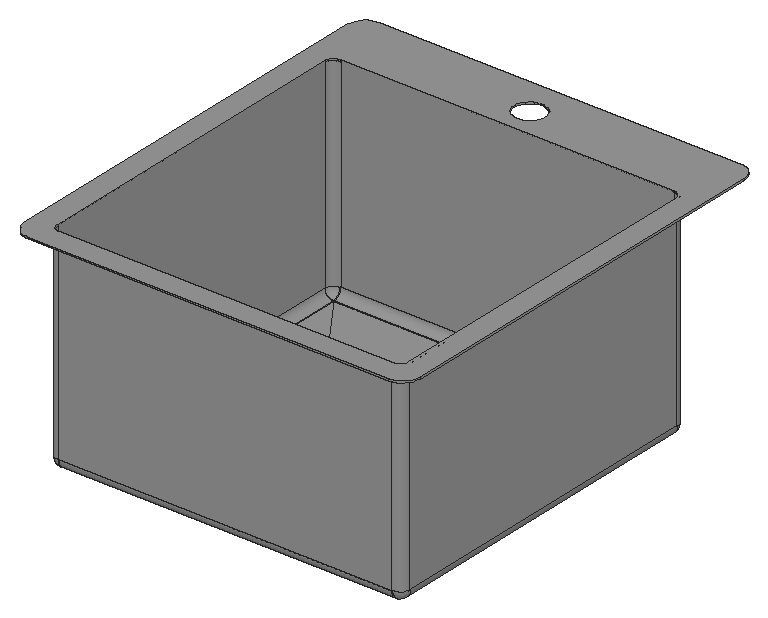
Revit family "BUILDMAT-SNGMTL002-Kayla-450-Tap-Landing-Gunmetal", category Plumbing Fixtures, host Face, Revit 2026
Family settings
  Host = Face
  Round Connector Dimension = Use Diameter
  Part Type = Normal
  Enable Cutting in Views = No
  Cut with Voids When Loaded = No
  Maintain Annotation Orientation = No
  Shared = No
  Room Calculation Point = No
Parameters (values of type "Kayla 450x500x250mm Brushed Gunmetal")
  Width = 400.0 mm
  Undermount [instance] = 0.0 mm
  URL = "https://www.buildmat.com.au/products/kayla-450-single-bowl-tap-landing-sink"
  Model = "TLAN002"  # constant formula
  Manufacturer URL = "https://www.buildmat.com.au/"
  Manufacturer = "BUILDMAT"  # constant formula
  Length = 400.0 mm
  Description = "BUILDMAT - Kayla 450x500 Single Bowl with Tap Landing Sink"  # constant formula
  Depth = 250.0 mm
  Default Elevation = 1219.2 mm
  Created By URL = "https://www.buildmat.com.au/"
  Created By = "BUILDMAT"  # constant formula
  Created = "22.06.2022"  # constant formula
  Material = BUILDMAT Gunmetal
Reference planes
  plane 1 "Center (Front/Back)": y = 0
  plane 2: z = 0
  plane 3 "Center (Left/Right)": x = 0
  plane 4 "Top Substrate": z = 0
  plane 5 "Left": x = -200
  plane 6 "Right": x = 200
  plane 7 "Back": y = 200
  plane 8 "Front": y = -200
  plane 9: x = -225
  plane 10: x = 225
  plane 11: y = -225
  plane 12: y = 275
  plane 13 "Bottom Void": z = -250
  plane 14: z = 1.5
  plane 15: x = -201.5
  plane 16: y = -201.5
  plane 17: x = 201.5
  plane 18: y = 201.5
  plane 19: z = -240
  plane 20: z = -230
  plane 21: x = -190
  plane 22: x = 190
  plane 23: y = -190
  plane 24: y = 190
  plane 25: z = -245
  plane 26: z = -241.5
  plane 27: z = -246.5
  plane 28: x = -100
  plane 29: x = 100
  plane 30 "Sound Pad": z = -130
  plane 31 "Front Bracket": y = -100
  plane 32 "Back Bracket": y = 100
  plane 33: x = -100
  plane 34: x = 100
  plane 35: x = -57
  plane 36: x = 57
  plane 37: x = -45
  plane 38: x = 45
  plane 39: y = 232
  plane 40: y = 251.5
  plane 41: x = -213.2
  plane 42: z = -15
  plane 43: x = 213.2
  plane 44: x = -211.7
  plane 45: x = 211.7
Forms (mm)
  Extrusion 1, void
    sketch origin (0, 0, 0) x (1, 0, 0) y (0, 1, 0)
      loop
        arc (-190, 200) -> (-197.071, 197.071) -> (-200, 190) r 10
        line (-200, 190) -> (-200, -190)
        arc (-200, -190) -> (-197.071, -197.071) -> (-190, -200) r 10
        line (-190, -200) -> (190, -200)
        arc (190, -200) -> (197.071, -197.071) -> (200, -190) r 10
        line (200, -190) -> (200, 190)
        arc (200, 190) -> (197.071, 197.071) -> (190, 200) r 10
        line (190, 200) -> (-190, 200)
    from 0 to 1.5
  Extrusion 2, void
    sketch origin (0, 0, 0) x (1, 0, 0) y (0, 1, 0)
      loop
        line (-201.5, 201.5) -> (-201.5, -201.5) -> (201.5, -201.5) -> (201.5, 201.5) -> (-201.5, 201.5)
    from 0 to -250
  Extrusion 3, void
    sketch origin (0, 0, 0) x (1, 0, 0) y (0, 1, 0)
      loop
        arc (-205, 275) -> (-219.142, 269.142) -> (-225, 255) r 20
        line (-225, 255) -> (-225, -205)
        arc (-225, -205) -> (-219.142, -219.142) -> (-205, -225) r 20
        line (-205, -225) -> (205, -225)
        arc (205, -225) -> (219.142, -219.142) -> (225, -205) r 20
        line (225, -205) -> (225, 255)
        arc (225, 255) -> (219.142, 269.142) -> (205, 275) r 20
        line (205, 275) -> (-205, 275)
    from 1.5 to 0
  Extrusion 4, solid, material "BUILDMAT Gunmetal" <- "Material"
    sketch origin (0, 0, 0) x (-1, 0, 0) y (0, -1, 0)
      loop
        arc (205, -275) -> (219.142, -269.142) -> (225, -255) r 20
        line (225, -255) -> (225, 205)
        arc (225, 205) -> (219.142, 219.142) -> (205, 225) r 20
        line (205, 225) -> (-205, 225)
        arc (-205, 225) -> (-219.142, 219.142) -> (-225, 205) r 20
        line (-225, 205) -> (-225, -255)
        arc (-225, -255) -> (-219.142, -269.142) -> (-205, -275) r 20
        line (-205, -275) -> (205, -275)
      loop
        arc (190, -200) -> (197.071, -197.071) -> (200, -190) r 10
        line (200, -190) -> (200, 190)
        arc (200, 190) -> (197.071, 197.071) -> (190, 200) r 10
        line (190, 200) -> (-190, 200)
        arc (-190, 200) -> (-197.071, 197.071) -> (-200, 190) r 10
        line (-200, 190) -> (-200, -190)
        arc (-200, -190) -> (-197.071, -197.071) -> (-190, -200) r 10
        line (-190, -200) -> (190, -200)
    from 0 to 1.5
  Extrusion 5, solid, material "BUILDMAT Gunmetal" <- "Material"
    sketch origin (0, 0, 0) x (-1, 0, 0) y (0, -1, 0)
      loop
        arc (190, -201.5) -> (198.132, -198.132) -> (201.5, -190) r 11.5
        line (201.5, -190) -> (201.5, 190)
        arc (201.5, 190) -> (198.132, 198.132) -> (190, 201.5) r 11.5
        line (190, 201.5) -> (-190, 201.5)
        arc (-190, 201.5) -> (-198.132, 198.132) -> (-201.5, 190) r 11.5
        line (-201.5, 190) -> (-201.5, -190)
        arc (-201.5, -190) -> (-198.132, -198.132) -> (-190, -201.5) r 11.5
        line (-190, -201.5) -> (190, -201.5)
      loop
        arc (-190, 200) -> (-197.071, 197.071) -> (-200, 190) r 10
        line (-200, 190) -> (-200, -190)
        arc (-200, -190) -> (-197.071, -197.071) -> (-190, -200) r 10
        line (-190, -200) -> (190, -200)
        arc (190, -200) -> (197.071, -197.071) -> (200, -190) r 10
        line (200, -190) -> (200, 190)
        arc (200, 190) -> (197.071, 197.071) -> (190, 200) r 10
        line (190, 200) -> (-190, 200)
    from 0 to -230
  Revolve 6, solid, material "BUILDMAT Gunmetal" <- "Material"
    sketch origin (-175.162, 190, 1219.2) x (-1, 0, 0) y (0, 0, 1)
      loop
        line (-375.162, -1449.2) -> (-376.662, -1449.2)
        arc (-376.662, -1449.2) -> (-373.293, -1457.332) -> (-365.162, -1460.7) r 11.5
        line (-365.162, -1460.7) -> (-365.162, -1459.2)
        arc (-365.162, -1459.2) -> (-372.233, -1456.271) -> (-375.162, -1449.2) r 10
      axis (-365.162, -1460.7) -> (-365.162, -1449.2)
    angle from 0 to -90
  Revolve 7, solid, material "BUILDMAT Gunmetal" <- "Material"
    sketch origin (-175.162, 190, 1219.2) x (-1, 0, 0) y (0, 0, 1)
      loop
        arc (24.838, -1449.2) -> (21.909, -1456.271) -> (14.838, -1459.2) r 10
        line (14.838, -1459.2) -> (14.838, -1460.7)
        arc (14.838, -1460.7) -> (22.97, -1457.332) -> (26.338, -1449.2) r 11.5
        line (26.338, -1449.2) -> (24.838, -1449.2)
      axis (14.838, -1449.2) -> (14.838, -1460.7)
    angle from 0 to -90
  Revolve 8, solid, material "BUILDMAT Gunmetal" <- "Material"
    sketch origin (-175.162, -190, 1219.2) x (-1, 0, 0) y (0, 0, 1)
      loop
        arc (24.838, -1449.2) -> (21.909, -1456.271) -> (14.838, -1459.2) r 10
        line (14.838, -1459.2) -> (14.838, -1460.7)
        arc (14.838, -1460.7) -> (22.97, -1457.332) -> (26.338, -1449.2) r 11.5
        line (26.338, -1449.2) -> (24.838, -1449.2)
      axis (14.838, -1449.2) -> (14.838, -1460.7)
    angle from 0 to 90
  Revolve 9, solid, material "BUILDMAT Gunmetal" <- "Material"
    sketch origin (-175.162, -190, 1219.2) x (-1, 0, 0) y (0, 0, 1)
      loop
        line (-375.162, -1449.2) -> (-376.662, -1449.2)
        arc (-376.662, -1449.2) -> (-373.293, -1457.332) -> (-365.162, -1460.7) r 11.5
        line (-365.162, -1460.7) -> (-365.162, -1459.2)
        arc (-365.162, -1459.2) -> (-372.233, -1456.271) -> (-375.162, -1449.2) r 10
      axis (-365.162, -1449.2) -> (-365.162, -1460.7)
    angle from 0 to 90
  Extrusion 10, solid, material "BUILDMAT Gunmetal" <- "Material"
    sketch origin (0, 0, 0) x (1, 0, 0) y (0, 0, 1)
      loop
        line (-200, -230) -> (-201.5, -230)
        arc (-201.5, -230) -> (-198.132, -238.132) -> (-190, -241.5) r 11.5
        line (-190, -241.5) -> (-190, -240)
        arc (-190, -240) -> (-197.071, -237.071) -> (-200, -230) r 10
    from -190 to 190
  Extrusion 11, solid, material "BUILDMAT Gunmetal" <- "Material"
    sketch origin (0, 0, 0) x (1, 0, 0) y (0, 0, 1)
      loop
        arc (200, -230) -> (197.071, -237.071) -> (190, -240) r 10
        line (190, -240) -> (190, -241.5)
        arc (190, -241.5) -> (198.132, -238.132) -> (201.5, -230) r 11.5
        line (201.5, -230) -> (200, -230)
    from -190 to 190
  Extrusion 12, solid, material "BUILDMAT Gunmetal" <- "Material"
    sketch origin (0, 0, 0) x (0, 1, 0) y (0, 0, 1)
      loop
        arc (200, -230) -> (197.071, -237.071) -> (190, -240) r 10
        line (190, -240) -> (190, -241.5)
        arc (190, -241.5) -> (198.132, -238.132) -> (201.5, -230) r 11.5
        line (201.5, -230) -> (200, -230)
    from -190 to 190
  Extrusion 13, solid, material "BUILDMAT Gunmetal" <- "Material"
    sketch origin (0, 0, 0) x (0, 1, 0) y (0, 0, 1)
      loop
        line (-200, -230) -> (-201.5, -230)
        arc (-201.5, -230) -> (-198.132, -238.132) -> (-190, -241.5) r 11.5
        line (-190, -241.5) -> (-190, -240)
        arc (-190, -240) -> (-197.071, -237.071) -> (-200, -230) r 10
    from -190 to 190
  Revolve 14, solid, material "BUILDMAT Gunmetal" <- "Material"
    sketch origin (0, 0, 0) x (1, 0, 0) y (0, 0, 1)
      loop
        line (-45, -250) -> (-45, -248.5)
        spline (-45, -248.5) -> (-46.484, -248.459) -> (-47.939, -248.339) -> (-49.337, -248.141) -> (-50.649, -247.871) -> (-51.848, -247.537) -> (-52.908, -247.151) -> (-53.805, -246.726) -> (-54.514, -246.283) -> (-55.023, -245.856) -> (-55.329, -245.483) -> (-55.468, -245.202) -> (-55.5, -245)
        line (-55.5, -245) -> (-57, -245)
        spline (-57, -245) -> (-56.897, -245.653) -> (-56.591, -246.294) -> (-56.087, -246.913) -> (-55.392, -247.5) -> (-54.52, -248.044) -> (-53.485, -248.536) -> (-52.305, -248.967) -> (-51, -249.33) -> (-49.592, -249.619) -> (-48.106, -249.83) -> (-46.566, -249.957) -> (-45, -250)
      axis (0, -245) -> (0, -250)
    angle from 0 to 360
  Blend 15, solid, material "BUILDMAT Gunmetal" <- "Material"
    base sketch origin (0, 0, 0) x (-1, 0, 0) y (0, -1, 0)
      loop
        circle (0, 0) r 57
    top sketch origin (0, 0, 0) x (-1, 0, 0) y (0, -1, 0)
      loop
        line (190, -190) -> (190, 190) -> (-190, 190) -> (-190, -190) -> (190, -190)
    from -246.5 to -241.5
  Blend 16, void
    base sketch origin (0, 0, 0) x (-1, 0, 0) y (0, -1, 0)
      loop
        circle (0, 0) r 57
    top sketch origin (0, 0, 0) x (-1, 0, 0) y (0, -1, 0)
      loop
        line (190, -190) -> (190, 190) -> (-190, 190) -> (-190, -190) -> (190, -190)
    from -245 to -240
  Extrusion 17, solid, material "BUILDMAT Gunmetal" <- "Material"
    sketch origin (0, 0, 0) x (-1, 0, 0) y (0, -1, 0)
      loop
        line (190, -190) -> (190, 190) -> (-190, 190) -> (-190, -190) -> (190, -190)
    from -241.5 to -240
  Extrusion 18, void
    sketch origin (0, 0, 0) x (-1, 0, 0) y (0, -1, 0)
      loop
        circle (0, 0) r 57
    from -250 to -230
  Extrusion 19, void
    sketch origin (0, 0, 0) x (-1, 0, 0) y (0, -1, 0)
      loop
        circle (0, -232) r 17.5
    from 0 to 100
Cuts and joins
  Extrusion 19 cuts Extrusion 4
  Extrusion 19 cuts Extrusion 5
  joined: Extrusion 4, Extrusion 5
  joined: Revolve 6, Revolve 9
  joined: Revolve 7, Revolve 8
  Blend 16, Extrusion 18 cuts Blend 15
  Blend 16, Extrusion 18 cuts Extrusion 17
  joined: Blend 15, Extrusion 17
Lines and regions (mm)
  Masking region 1
    outline origin (0, 0, 0) x (1, 0, 0) y (0, 0, 1)
      loop
        line (200, 0) -> (-200, 0) -> (-200, -230)
        arc (-200, -230) -> (-197.071, -237.071) -> (-190, -240) r 10
        line (-190, -240) -> (-57, -245) -> (57, -245) -> (190, -240)
        arc (190, -240) -> (197.071, -237.071) -> (200, -230) r 10
        line (200, -230) -> (200, 0)
  Masking region 2
    outline origin (0, 0, 0) x (1, 0, 0) y (0, 0, 1)
      loop
        line (-100, -244.883) -> (-100, -250) -> (-57, -250) -> (-57, -246.5) -> (-100, -244.883)
  Masking region 3
    outline origin (0, 0, 0) x (1, 0, 0) y (0, 0, 1)
      loop
        line (57, -246.5) -> (57, -250) -> (100, -250) -> (100, -244.883) -> (57, -246.5)
  Masking region 4
    outline origin (0, 0, 0) x (1, 0, 0) y (0, 0, 1)
      loop
        line (-213.2, 0) -> (-213.2, -15) -> (-211.7, -15) -> (-211.7, 0) -> (-213.2, 0)
  Masking region 5
    outline origin (0, 0, 0) x (1, 0, 0) y (0, 0, 1)
      loop
        line (211.7, 0) -> (211.7, -15) -> (213.2, -15) -> (213.2, 0) -> (211.7, 0)
Text (mm)
  text "Refer to www.buildmat.com.au for the most current product literature. \nAllow a +/- 5mm tolerance for dimensions shown in the product literature. \nPlease note product details are subject to change due to ongoing product development." at (0.056, -1035.857, 0), in view "Ref. Level"
Dimensions and locks
  "Undermount": plane 2 to plane 4 "Top Substrate"
  equal spacing: plane 5 "Left", plane 3 "Center (Left/Right)", plane 6 "Right"
  "Width": plane 5 "Left" to plane 6 "Right"
  "Length": plane 7 "Back" to plane 8 "Front"
  equal spacing: plane 7 "Back", plane 1 "Center (Front/Back)", plane 8 "Front"
  locked: plane 12 to plane 7 "Back" at 75
  locked: plane 8 "Front" to plane 11 at 25
  locked: plane 9 to plane 5 "Left" at 25
  locked: plane 6 "Right" to plane 10 at 25
  "Depth": plane 4 "Top Substrate" to plane 13 "Bottom Void"
  locked: plane 14 to plane 4 "Top Substrate" at 1.5
  locked: plane 18 to plane 7 "Back" at 1.5
  locked: plane 8 "Front" to plane 16 at 1.5
  plane 15 to plane 5 "Left" = 1.5 mm
  plane 6 "Right" to plane 17 = 1.5 mm
  plane 20 to plane 19 to plane 13 "Bottom Void" = 10.0 mm, 10.0 mm
  locked: plane 5 "Left" to plane 21 at 10
  locked: plane 22 to plane 6 "Right" at 10
  locked: plane 7 "Back" to plane 24 at 10
  locked: plane 23 to plane 8 "Front" at 10
  locked: plane 19 to plane 26 at 1.5
  locked: plane 25 to plane 13 "Bottom Void" at 5
  locked: plane 25 to plane 27 at 1.5
  plane 29 to plane 3 "Center (Left/Right)" to plane 28 = 100.0 mm locked, 100.0 mm locked
  locked: plane 30 "Sound Pad" to plane 13 "Bottom Void" at 120
  locked: plane 7 "Back" to plane 32 "Back Bracket" at 100
  locked: plane 31 "Front Bracket" to plane 8 "Front" at 100
  locked: plane 33 to plane 5 "Left" at 100
  locked: plane 6 "Right" to plane 34 at 100
  plane 37 to plane 3 "Center (Left/Right)" to plane 38 = 45.0 mm locked, 45.0 mm locked
  plane 35 to plane 3 "Center (Left/Right)" to plane 36 = 57.0 mm locked, 57.0 mm locked
  locked: plane 12 to plane 39 at 43
  locked: plane 40 to plane 18 at 50
  plane 44 to plane 41 to plane 9 = 1.5 mm locked, 11.8 mm locked
  plane 10 to plane 43 to plane 45 = 11.8 mm locked, 1.5 mm locked
  locked: plane 4 "Top Substrate" to plane 42 at 15
  aligned and locked: plane 2 to host face
  aligned and locked: level to host face
  aligned and locked: plane 8 "Front" to Extrusion 1 sketch curve
  aligned and locked: Extrusion 1 sketch curve to plane 7 "Back"
  aligned and locked: plane 5 "Left" to Extrusion 1 sketch curve
  aligned and locked: Extrusion 1 sketch curve to plane 6 "Right"
  aligned and locked: plane 2 to Extrusion 1
  aligned and locked: Extrusion 1 to plane 14
  aligned and locked: Extrusion 2 sketch curve to plane 16
  aligned and locked: Extrusion 2 sketch curve to plane 18
  aligned and locked: plane 15 to Extrusion 2 sketch curve
  aligned and locked: plane 17 to Extrusion 2 sketch curve
  aligned and locked: Extrusion 2 to plane 13 "Bottom Void"
  aligned and locked: plane 4 "Top Substrate" to Extrusion 2
  aligned and locked: plane 11 to Extrusion 3 sketch curve
  aligned and locked: plane 9 to Extrusion 3 sketch curve
  aligned and locked: Extrusion 3 sketch curve to plane 10
  aligned and locked: Extrusion 3 sketch curve to plane 12
  aligned and locked: Extrusion 3 to plane 4 "Top Substrate"
  aligned and locked: Extrusion 3 to plane 14
  aligned and locked: plane 11 to Extrusion 4 sketch curve
  aligned and locked: Extrusion 4 sketch curve to plane 12
  aligned and locked: plane 9 to Extrusion 4 sketch curve
  aligned and locked: Extrusion 4 sketch curve to plane 10
  aligned and locked: plane 5 "Left" to Extrusion 4 sketch curve
  aligned and locked: Extrusion 4 sketch curve to plane 6 "Right"
  aligned and locked: Extrusion 4 sketch curve to plane 7 "Back"
  aligned and locked: plane 8 "Front" to Extrusion 4 sketch curve
  aligned and locked: Extrusion 5 sketch curve to plane 7 "Back"
  aligned and locked: plane 5 "Left" to Extrusion 5 sketch curve
  aligned and locked: Extrusion 5 sketch curve to plane 6 "Right"
  aligned and locked: plane 8 "Front" to Extrusion 5 sketch curve
  aligned and locked: plane 15 to Extrusion 5 sketch curve
  aligned and locked: Extrusion 5 sketch curve to plane 16
  aligned and locked: plane 17 to Extrusion 5 sketch curve
  aligned and locked: Extrusion 5 sketch curve to plane 18
  aligned and locked: Extrusion 5 to plane 20
  aligned and locked: plane 4 "Top Substrate" to Extrusion 5
  aligned and locked: Extrusion 11 to plane 23
  aligned and locked: plane 24 to Extrusion 11
  aligned and locked: plane 24 to Extrusion 10
  aligned and locked: Extrusion 10 to plane 23
  aligned and locked: Extrusion 13 to plane 21
  aligned and locked: plane 22 to Extrusion 13
  aligned and locked: plane 22 to Extrusion 12
  aligned and locked: Extrusion 12 to plane 21
  aligned and locked: plane 21 to Blend 15 sketch curve
  aligned and locked: Blend 15 sketch curve to plane 22
  aligned and locked: Blend 15 sketch curve to plane 23
  aligned and locked: Blend 15 sketch curve to plane 24
  aligned and locked: plane 27 to Blend 15
  aligned and locked: Blend 15 to plane 26
  aligned and locked: Blend 16 sketch curve to plane 24
  aligned and locked: plane 21 to Blend 16 sketch curve
  aligned and locked: Blend 16 sketch curve to plane 22
  aligned and locked: Blend 16 sketch curve to plane 23
  aligned and locked: Blend 16 to plane 25
  aligned and locked: plane 19 to Blend 16
  aligned and locked: Extrusion 17 sketch curve to plane 24
  aligned and locked: Extrusion 17 sketch curve to plane 23
  aligned and locked: plane 21 to Extrusion 17 sketch curve
  aligned and locked: Extrusion 17 sketch curve to plane 22
  aligned and locked: Extrusion 17 to plane 26
  aligned and locked: plane 19 to Extrusion 17
  aligned and locked: Extrusion 18 to plane 13 "Bottom Void"
  aligned and locked: plane 20 to Extrusion 18
  aligned and locked: cut or joined group of Blend 15, Blend 16, Extrusion 17, Extrusion 18 to Masking region 2 sketch curve
  aligned and locked: Masking region 3 sketch curve to cut or joined group of Blend 15, Blend 16, Extrusion 17, Extrusion 18
  aligned and locked: plane 3 "Center (Left/Right)" to nested 1
  aligned and locked: nested 1 to plane 30 "Sound Pad"
  aligned and locked: plane 31 "Front Bracket" to nested 3
  aligned and locked: plane 15 to nested 3
  aligned and locked: plane 31 "Front Bracket" to nested 5
  aligned and locked: plane 17 to nested 5
  aligned and locked: plane 32 "Back Bracket" to nested 4
  aligned and locked: plane 17 to nested 4
  aligned and locked: plane 32 "Back Bracket" to nested 2
  aligned and locked: plane 15 to nested 2
  aligned and locked: nested 6 to plane 4 "Top Substrate"
  aligned and locked: nested 6 to plane 33
  aligned and locked: nested 7 to plane 4 "Top Substrate"
  aligned and locked: nested 7 to plane 34
  aligned and locked: nested 10 to plane 33
  aligned and locked: nested 11 to plane 34
  aligned and locked: plane 16 to nested 10
  aligned and locked: plane 16 to nested 11
  aligned and locked: plane 33 to nested 8
  aligned and locked: plane 34 to nested 9
  aligned and locked: nested 12 to plane 23
  aligned and locked: nested 12 to plane 24
  aligned and locked: plane 22 to nested 12
  aligned and locked: plane 21 to nested 12
  aligned and locked: plane 3 "Center (Left/Right)" to nested 13
  aligned and locked: plane 1 "Center (Front/Back)" to nested 13
  aligned and locked: plane 4 "Top Substrate" to Masking region 1
  aligned and locked: nested 9 to plane 40
  aligned and locked: nested 8 to plane 40
  aligned and locked: Extrusion 19 to plane 4 "Top Substrate"
  aligned and locked: Masking region 4 sketch curve to plane 4 "Top Substrate"
  aligned and locked: Masking region 4 sketch curve to plane 42
  aligned and locked: Masking region 4 sketch curve to plane 41
  aligned and locked: Masking region 4 sketch curve to plane 44
  aligned and locked: Masking region 5 sketch curve to plane 4 "Top Substrate"
  aligned and locked: Masking region 5 sketch curve to plane 42
  aligned and locked: Masking region 5 sketch curve to plane 43
  aligned and locked: Masking region 5 sketch curve to plane 45
Automatic sketch dimensions
  host sketch curve to host sketch curve = 2438.4 mm  (x2)
  plane 5 "Left" to Extrusion 1 sketch curve = 10.0 mm  (x2)
  Extrusion 1 sketch curve to plane 6 "Right" = 10.0 mm  (x2)
  Extrusion 4 sketch curve to plane 10 = 20.0 mm  (x2)
  Extrusion 4 sketch curve to Extrusion 4 sketch curve = 10.0 mm  (x2)
  plane 5 "Left" to Extrusion 4 sketch curve = 10.0 mm
  plane 9 to Extrusion 4 sketch curve = 20.0 mm
  plane 8 "Front" to Extrusion 4 sketch curve = 10.0 mm
  plane 11 to Extrusion 4 sketch curve = 20.0 mm
  Extrusion 3 sketch curve to plane 5 "Left" = 5.0 mm
  plane 6 "Right" to Extrusion 3 sketch curve = 5.0 mm  (x2)
  plane 7 "Back" to Extrusion 3 sketch curve = 55.0 mm
  plane 5 "Left" to Extrusion 5 sketch curve = 10.0 mm
  Extrusion 5 sketch curve to plane 6 "Right" = 10.0 mm
  plane 8 "Front" to Extrusion 5 sketch curve = 10.0 mm
  Extrusion 5 sketch curve to plane 7 "Back" = 10.0 mm
  Extrusion 5 sketch curve to Extrusion 5 sketch curve = 0.0 mm  (x4)
  Revolve 6 sketch curve to Revolve 6 sketch curve = 0.0 mm  (x3)
  plane 17 to Revolve 6 sketch curve = 0.0 mm
  Revolve 6 sketch curve to plane 6 "Right" = 0.0 mm
  Revolve 6 sketch curve to plane 22 = 0.0 mm  (x2)
  Revolve 6 sketch curve to plane 19 = 0.0 mm
  Revolve 6 sketch curve to plane 20 = 0.0 mm
  Revolve 7 sketch curve to Revolve 7 sketch curve = 0.0 mm  (x3)
  Revolve 7 sketch curve to plane 20 = 0.0 mm  (x2)
  Revolve 7 sketch curve to plane 21 = 0.0 mm  (x2)
  Revolve 7 sketch curve to plane 5 "Left" = 0.0 mm
  Revolve 7 sketch curve to plane 15 = 0.0 mm
  Revolve 8 sketch curve to Revolve 8 sketch curve = 0.0 mm  (x3)
  Revolve 8 sketch curve to plane 20 = 0.0 mm  (x2)
  Revolve 8 sketch curve to plane 21 = 0.0 mm  (x2)
  Revolve 8 sketch curve to plane 5 "Left" = 0.0 mm
  Revolve 8 sketch curve to plane 15 = 0.0 mm
  Revolve 9 sketch curve to Revolve 9 sketch curve = 0.0 mm  (x3)
  plane 17 to Revolve 9 sketch curve = 0.0 mm
  Revolve 9 sketch curve to plane 6 "Right" = 0.0 mm
  Revolve 9 sketch curve to plane 22 = 0.0 mm  (x2)
  Revolve 9 sketch curve to plane 20 = 0.0 mm
  Revolve 9 sketch curve to plane 19 = 0.0 mm
  Extrusion 10 sketch curve to plane 15 = 0.0 mm
  Extrusion 10 sketch curve to plane 5 "Left" = 0.0 mm
  Extrusion 10 sketch curve to plane 19 = 0.0 mm
  Extrusion 10 sketch curve to plane 21 = 0.0 mm
  Extrusion 11 sketch curve to plane 20 = 0.0 mm
  Extrusion 11 sketch curve to plane 22 = 0.0 mm
  Extrusion 11 sketch curve to plane 6 "Right" = 0.0 mm
  plane 17 to Extrusion 11 sketch curve = 0.0 mm
  Extrusion 12 sketch curve to plane 20 = 0.0 mm
  Extrusion 12 sketch curve to plane 24 = 0.0 mm
  Extrusion 12 sketch curve to plane 7 "Back" = 0.0 mm
  Extrusion 12 sketch curve to plane 18 = 0.0 mm
  Extrusion 13 sketch curve to plane 16 = 0.0 mm
  Extrusion 13 sketch curve to plane 8 "Front" = 0.0 mm
  Extrusion 13 sketch curve to plane 23 = 0.0 mm
  Extrusion 13 sketch curve to plane 19 = 0.0 mm
  Revolve 14 sketch curve to plane 25 = 0.0 mm
  Revolve 14 sketch curve to plane 13 "Bottom Void" = 0.0 mm  (x2)
  Revolve 14 sketch curve to plane 3 "Center (Left/Right)" = 0.0 mm
  Revolve 14 sketch curve to plane 20 = 0.0 mm
  Revolve 14 sketch curve to plane 3 "Center (Left/Right)" = 45.0 mm
  Revolve 14 sketch curve to Revolve 14 sketch curve = 10.5 mm
  Revolve 14 sketch curve to Revolve 14 sketch curve = 1.5 mm  (x2)
  Revolve 14 sketch curve to Revolve 14 sketch curve = 0.0 mm
  plane 1 "Center (Front/Back)" to Blend 15 sketch curve = 0.0 mm
  Blend 15 sketch curve to plane 3 "Center (Left/Right)" = 0.0 mm
  plane 1 "Center (Front/Back)" to Blend 16 sketch curve = 0.0 mm
  Blend 16 sketch curve to plane 3 "Center (Left/Right)" = 0.0 mm
  plane 1 "Center (Front/Back)" to Extrusion 18 sketch curve = 0.0 mm
  Extrusion 18 sketch curve to plane 3 "Center (Left/Right)" = 0.0 mm
  Masking region 1 sketch curve to level = 0.0 mm
  Masking region 1 sketch curve to plane 20 = 0.0 mm
  Masking region 1 sketch curve to plane 21 = 0.0 mm
  Masking region 1 sketch curve to plane 25 = 0.0 mm
  Masking region 1 sketch curve to plane 3 "Center (Left/Right)" = 57.0 mm
  plane 3 "Center (Left/Right)" to Masking region 1 sketch curve = 57.0 mm
  Masking region 1 sketch curve to plane 19 = 0.0 mm
  Masking region 1 sketch curve to plane 22 = 0.0 mm
  Masking region 1 sketch curve to plane 6 "Right" = 0.0 mm
  Masking region 1 sketch curve to plane 5 "Left" = 0.0 mm
  Masking region 2 sketch curve to plane 28 = 0.0 mm
  Masking region 2 sketch curve to plane 13 "Bottom Void" = 0.0 mm
  Masking region 2 sketch curve to plane 27 = 0.0 mm
  Masking region 3 sketch curve to plane 27 = 0.0 mm
  Masking region 3 sketch curve to plane 13 "Bottom Void" = 0.0 mm
  Masking region 3 sketch curve to plane 29 = 0.0 mm
  Extrusion 19 sketch curve to plane 3 "Center (Left/Right)" = 0.0 mm
  Extrusion 19 sketch curve to plane 39 = 0.0 mm
  radius of Blend 15 sketch curve = 57.0 mm
  radius of Blend 16 sketch curve = 57.0 mm
  radius of Extrusion 18 sketch curve = 57.0 mm
  radius of Extrusion 19 sketch curve = 17.5 mm
Nested families
  nested 1: "SP_Front" at (0, 0, -130) x (1, 0, 0) z (0, -1, 0), type "SP_Front", not visible
  nested 2: "TMB_Plan" at (-201.5, 100, 0) x (0, 1, 0) z (0, 0, 1), type "TMB_Plan"
  nested 3: "TMB_Plan" at (-201.5, -100, 0) x (0, 1, 0) z (0, 0, 1), type "TMB_Plan"
  nested 4: "TMB_Plan" at (201.5, 100, 0) x (0, -1, 0) z (0, 0, 1), type "TMB_Plan"
  nested 5: "TMB_Plan" at (201.5, -100, 0) x (0, -1, 0) z (0, 0, 1), type "TMB_Plan"
  nested 6: "TMB_Front" at (-100, 0, 0) x (1, 0, 0) z (0, -1, 0), type "TMB_Front"
  nested 7: "TMB_Front" at (100, 0, 0) x (1, 0, 0) z (0, -1, 0), type "TMB_Front"
  nested 8: "TMB_Plan" at (-100, 251.5, 0), type "TMB_Plan"
  nested 9: "TMB_Plan" at (100, 251.5, 0), type "TMB_Plan"
  nested 10: "TMB_Plan" at (-100, -201.5, 0) x (-1, 0, 0) z (0, 0, 1), type "TMB_Plan"
  nested 11: "TMB_Plan" at (100, -201.5, 0) x (-1, 0, 0) z (0, 0, 1), type "TMB_Plan"
  nested 12: "BOWL Plan" at (0, 0, -130), type "BOWL Plan"
    with Width 380.0 mm, Lenght 380.0 mm
  nested 13: "DRAIN" at (0, 0, 0), type "DRAIN"
Definition of nested family "SP_Front"
  Reference planes
    plane 1 "Center (Elevation)": y = 0
    plane 2: z = 0
    plane 3 "Center (Left/Right)": x = 0
  Lines and regions (mm)
    Masking region 1, in view "Ref. Level"
      outline origin (0, 0, 0) x (1, 0, 0) y (0, 1, 0)
        loop
          arc (-50, 40) -> (-57.071, 37.071) -> (-60, 30) r 10
          line (-60, 30) -> (-60, -30)
          arc (-60, -30) -> (-57.071, -37.071) -> (-50, -40) r 10
          line (-50, -40) -> (50, -40)
          arc (50, -40) -> (57.071, -37.071) -> (60, -30) r 10
          line (60, -30) -> (60, 30)
          arc (60, 30) -> (57.071, 37.071) -> (50, 40) r 10
          line (50, 40) -> (-50, 40)
    detail lines, in view "Ref. Level"
      curve 1: line (-50, 40, 0) -> (50, 40, 0)
      curve 2: line (50, -40, 0) -> (-50, -40, 0)
      curve 3: line (60, 30, 0) -> (60, -30, 0)
      curve 4: line (-60, 30, 0) -> (-60, -30, 0)
      curve 5: arc (-50, 40, 0) -> (-57.071, 37.071, 0) -> (-60, 30, 0) r 10
      curve 6: arc (-60, -30, 0) -> (-57.071, -37.071, 0) -> (-50, -40, 0) r 10
      curve 7: arc (50, -40, 0) -> (57.071, -37.071, 0) -> (60, -30, 0) r 10
      curve 8: arc (60, 30, 0) -> (57.071, 37.071, 0) -> (50, 40, 0) r 10
  Dimensions and locks
    aligned and locked: Masking region 1 sketch curve to curve 1
    aligned and locked: Masking region 1 sketch curve to curve 4
    aligned and locked: Masking region 1 sketch curve to curve 2
    aligned and locked: Masking region 1 sketch curve to curve 3
Definition of nested family "TMB_Plan"
  Reference planes
    plane 1 "Center (Front/Back)": y = 0
    plane 2: z = 0
    plane 3 "Center (Left/Right)": x = 0
  Lines and regions (mm)
    detail lines, in view "Ref. Level"
      curve 1: line (-17.5, 0, 0) -> (17.5, 0, 0)
      curve 2: line (17.5, 0, 0) -> (17.5, 5, 0)
      curve 3: line (17.5, 5, 0) -> (12.5, 5, 0)
      curve 4: line (-17.5, 0, 0) -> (-17.5, 5, 0)
      curve 5: line (-17.5, 5, 0) -> (-12.5, 5, 0)
Definition of nested family "TMB_Front"
  Reference planes
    plane 1 "Center (Elevation)": y = 0
    plane 2: z = 0
    plane 3 "Center (Left/Right)": x = 0
  Lines and regions (mm)
    Masking region 1, in view "Ref. Level"
      outline origin (0, 0, 0) x (1, 0, 0) y (0, 1, 0)
        loop
          line (-17.5, 0) -> (-17.5, -80) -> (17.5, -80) -> (17.5, 0) -> (-17.5, 0)
    detail lines, in view "Ref. Level"
      curve 1: line (-17.5, 0, 0) -> (-17.5, -80, 0)
      curve 2: line (-17.5, -80, 0) -> (17.5, -80, 0)
      curve 3: line (17.5, -80, 0) -> (17.5, 0, 0)
      curve 4: line (-12.5, -50, 0) -> (12.5, -50, 0)
      curve 5: line (-12.5, -75, 0) -> (-12.5, -50, 0)
      curve 6: line (12.5, -75, 0) -> (-12.5, -75, 0)
      curve 7: line (12.5, -50, 0) -> (12.5, -75, 0)
Definition of nested family "BOWL Plan"
  Parameters (values of type "BOWL Plan")
    Width [instance] = 600.0 mm
    Lenght [instance] = 400.0 mm
  Reference planes
    plane 1 "Center (Front/Back)": y = 0
    plane 2: z = 0
    plane 3 "Center (Left/Right)": x = 0
    plane 4 "Left": x = -300
    plane 5 "Right": x = 300
    plane 6 "Back": y = 200
    plane 7 "Front": y = -200
  Lines and regions (mm)
    Masking region 1, in view "Ref. Level"
      outline origin (0, 0, 0) x (1, 0, 0) y (0, 1, 0)
        loop
          line (-300, 200) -> (-300, -200) -> (300, -200) -> (300, 200) -> (-300, 200)
    detail lines, in view "Ref. Level"
      curve 1: line (-300, 200, 0) -> (300, -200, 0)
      curve 2: line (-300, -200, 0) -> (300, 200, 0)
  Dimensions and locks
    equal spacing: plane 6 "Back", plane 1 "Center (Front/Back)", plane 7 "Front"
    "Lenght": plane 6 "Back" to plane 7 "Front"
    equal spacing: plane 4 "Left", plane 3 "Center (Left/Right)", plane 5 "Right"
    "Width": plane 4 "Left" to plane 5 "Right"
    aligned and locked: plane 4 "Left" to Masking region 1 sketch curve
    aligned and locked: Masking region 1 sketch curve to plane 5 "Right"
    aligned and locked: plane 7 "Front" to Masking region 1 sketch curve
    aligned and locked: Masking region 1 sketch curve to plane 6 "Back"
  Automatic sketch dimensions
    curve 2 to plane 4 "Left" = 0.0 mm
    curve 1 to plane 4 "Left" = 0.0 mm
    curve 2 to plane 5 "Right" = 0.0 mm
    curve 1 to plane 5 "Right" = 0.0 mm
    curve 1 to plane 7 "Front" = 0.0 mm
    curve 2 to plane 7 "Front" = 0.0 mm
    curve 2 to plane 6 "Back" = 0.0 mm
    curve 1 to plane 6 "Back" = 0.0 mm
Definition of nested family "DRAIN"
  Reference planes
    plane 1 "Center (Front/Back)": y = 0
    plane 2: z = 0
    plane 3 "Center (Left/Right)": x = 0
  Lines and regions (mm)
    Masking region 1, in view "Ref. Level"
      outline origin (0, 0, 0) x (1, 0, 0) y (0, 1, 0)
        loop
          circle (0, 0) r 57
    detail lines, in view "Ref. Level"
      curve 1: circle (0, 0, 0) r 45 normal (0, 0, 1)
      curve 2: circle (0, 0, 0) r 55.5 normal (0, 0, 1)
